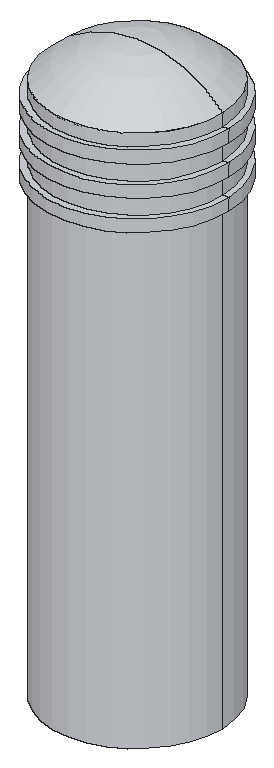
Revit family
Parameters (values of type "SBS-008.5")
  URL = "www.strombergarchitectural.com"
  Top Material = GFRC
  Submittal Sheet = "www.strombergarchitectural.com/images/materials/gfrc/submittal/gfrc-submittal-sheet.pdf"
  Specifications = "www.strombergarchitectural.com/gfrcspecifications"
  Model Cut-sheet = "www.strombergarchitectural.com/products/bollards/design/sbs-008"
  Model = "SBS 008"
  Manufacturer = "Stromberg Architectural Products"
  Guidebook = "www.strombergarchitectural.com/images/materials/gfrc/handbooks/gfrc_guidebook.pdf"
  Frame Material = none
  Description = "GFRC Bollard"
  Assembly Code = ""
  Height = 4' - 0"
  Diameter = 1' - 2"
  008.5 = yes
  008.4 = no
  008.3 = no
  008.2 = no
  008.1 = no
Types (6): name | Guidebook | Height | Diameter | 008.5 | 008.4 | 008.3 | 008.2 | 008.1
  (no name) | "www.strombergarchitectural.com/images/materials/gfrc/handbooks/gfrc_guidebook.pdf" | 4' - 0" | 1' - 2" | yes | no | no | no | no
  SBS-008.3 | "www.strombergarchitectural.com/images/materials/gfrc/handbooks/gfrc_guidebook.pdf" | 3' - 0" | 0' - 11" | no | no | yes | no | no
  SBS-008.1 | "www.strombergarchitectural.com/images/materials/gfrc/handbooks/gfrc_guidebook.pdf   \r\n(http://www.strombergarchitectural.com/images/materials/gfrc/handbooks/gfrc_guidebook.pdf" | 2' - 0" | 0' - 8" | no | no | no | no | yes
  SBS-008.2 | "www.strombergarchitectural.com/images/materials/gfrc/handbooks/gfrc_guidebook.pdf" | 2' - 6" | 0' - 9" | no | no | no | yes | no
  SBS-008.4 | "www.strombergarchitectural.com/images/materials/gfrc/handbooks/gfrc_guidebook.pdf" | 3' - 6" | 1' - 0" | no | yes | no | no | no
  SBS-008.5 | "www.strombergarchitectural.com/images/materials/gfrc/handbooks/gfrc_guidebook.pdf" | 4' - 0" | 1' - 2" | yes | no | no | no | no
Reference planes (in)
  plane 1 "Center (Front/Back)": y = 3.74847
  plane 2: z = 0
  plane 3 "Center (Left/Right)": x = 0.7278
  plane 4 "Front": y = -3.25153
  plane 5 "Back": y = 10.74847
  plane 6: x = -6.78088
  plane 7: x = -6.2722
  plane 8: x = 7.7278
  plane 9: x = 8.2278
Forms (in)
  Revolve 1, solid, visible <- "008.5"
    sketch origin (0, 3.74847, 0) x (1, 0, 0) y (0, 0, 1)
      loop
        arc (0.7278, 48) -> (-3.05759, 47.18506) -> (-6.2722, 45.02645) r 10.27028
        line (-6.2722, 45.02645) -> (-6.2722, 44.03944) -> (-6.78088, 44.03944) -> (-6.78088, 43.02645) -> (-6.2722, 43.02645) -> (-6.2722, 41.52645) -> (-6.78088, 41.52645) -> (-6.78088, 40.52645) -> (-6.2722, 40.52645) -> (-6.2722, 39.02645) -> (-6.78088, 39.02645) -> (-6.78088, 38.02645) -> (-6.2722, 38.02645) -> (-6.2722, -0.0072) -> (0.7278, -0.0072) -> (0.7278, 48)
      axis (0.7278, -0.0072) -> (0.7278, 48)
    angle from 0 to 360
  Revolve 2, solid, visible <- "008.4"
    sketch origin (0, 3.74847, 0) x (1, 0, 0) y (0, 0, 1)
      loop
        arc (0.7278, 41.9928) -> (-2.77382, 41.10272) -> (-5.2722, 38.4928) r 6.5561
        line (-5.2722, 38.4928) -> (-5.2722, 37.32614) -> (-5.85553, 37.32614) -> (-5.85553, 36.15947) -> (-5.2722, 36.15947) -> (-5.2722, 34.40947) -> (-5.85553, 34.40947) -> (-5.85553, 33.2428) -> (-5.2722, 33.2428) -> (-5.2722, 31.4928) -> (-5.85553, 31.4928) -> (-5.85553, 30.32614) -> (-5.2722, 30.32614) -> (-5.2722, 0) -> (0.7278, 0) -> (0.7278, 41.9928)
      axis (0.7278, 41.9928) -> (0.7278, 0)
    angle from 0 to 360
  Revolve 3, solid, visible <- "008.3"
    sketch origin (0, 3.74847, 0) x (1, 0, 0) y (0, 0, 1)
      loop
        arc (0.7278, 35.9928) -> (-2.43081, 35.24192) -> (-4.7722, 32.9928) r 6.17632
        line (-4.7722, 32.9928) -> (-4.7722, 31.9928) -> (-5.2722, 31.9928) -> (-5.2722, 30.9928) -> (-4.7722, 30.9928) -> (-4.7722, 29.4928) -> (-5.2722, 29.4928) -> (-5.2722, 28.4928) -> (-4.7722, 28.4928) -> (-4.7722, 26.9928) -> (-5.2722, 26.9928) -> (-5.2722, 25.9928) -> (-4.7722, 25.9928) -> (-4.7722, 0) -> (0.7278, 0) -> (0.7278, 35.9928)
      axis (0.7278, 35.9928) -> (0.7278, 0)
    angle from 0 to 360
  Revolve 4, solid, visible <- "008.2"
    sketch origin (0, 3.74847, 0) x (1, 0, 0) y (0, 0, 1)
      loop
        arc (0.7278, 29.99484) -> (-1.85755, 29.34696) -> (-3.7722, 27.4928) r 5.14693
        line (-3.7722, 27.4928) -> (-3.7722, 26.65947) -> (-4.18887, 26.65947) -> (-4.18887, 25.82614) -> (-3.7722, 25.82614) -> (-3.7722, 24.57614) -> (-4.18887, 24.57614) -> (-4.18887, 23.7428) -> (-3.7722, 23.7428) -> (-3.7722, 22.4928) -> (-4.18887, 22.4928) -> (-4.18887, 21.65947) -> (-3.7722, 21.65947) -> (-3.7722, -0.0072) -> (0.7278, -0.0072) -> (0.7278, 29.99484)
      axis (0.7278, 29.99484) -> (0.7278, -0.0072)
    angle from 0 to 360
  Revolve 5, solid, visible <- "008.1"
    sketch origin (0, 3.74847, 0) x (1, 0, 0) y (0, 0, 1)
      loop
        arc (0.7278, 23.97557) -> (-1.51169, 23.47269) -> (-3.2722, 22) r 4.87052
        line (-3.2722, 22) -> (-3.2722, 21.33333) -> (-3.60553, 21.33333) -> (-3.60553, 20.66667) -> (-3.2722, 20.66667) -> (-3.2722, 19.66667) -> (-3.60553, 19.66667) -> (-3.60553, 19) -> (-3.2722, 19) -> (-3.2722, 18) -> (-3.60553, 18) -> (-3.60553, 17.33333) -> (-3.2722, 17.33333) -> (-3.2722, 0) -> (0.7278, 0) -> (0.7278, 23.97557)
      axis (0.7278, 23.97557) -> (0.7278, 0)
    angle from 0 to 360
Dimensions and locks (in)
  equal spacing: plane 4 "Front", plane 1 "Center (Front/Back)", plane 5 "Back"
  "Diameter": plane 4 "Front" to plane 5 "Back"
Automatic sketch dimensions
  Revolve 1 sketch curve to plane 6 = 0' - 0"  (x3)
  Revolve 1 sketch curve to plane 7 = 0' - 0"  (x4)
  Revolve 1 sketch curve to level = 0' - 0.0072"
  Revolve 1 sketch curve to plane 3 "Center (Left/Right)" = 0' - 0"  (x2)
  plane 3 "Center (Left/Right)" to Revolve 1 sketch curve = 0' - 0.23007"
  level to Revolve 1 sketch curve = 2' - 3.27645"
  Revolve 1 sketch curve to Revolve 1 sketch curve = 0' - 6.74258"
  Revolve 1 sketch curve to Revolve 1 sketch curve = 0' - 3.71327"
  Revolve 1 sketch curve to Revolve 1 sketch curve = 0' - 0.29416"
  Revolve 1 sketch curve to Revolve 1 sketch curve = 0' - 1"  (x2)
  Revolve 1 sketch curve to Revolve 1 sketch curve = 0' - 1 1/2"  (x2)
  Revolve 1 sketch curve to Revolve 1 sketch curve = 0' - 1.01298"
  Revolve 1 sketch curve to Revolve 1 sketch curve = 0' - 0.98702"
  Revolve 2 sketch curve to level = 0' - 0"
  Revolve 2 sketch curve to plane 3 "Center (Left/Right)" = 0' - 0"  (x2)
  Revolve 2 sketch curve to plane 3 "Center (Left/Right)" = 0' - 0.19819"
  plane 7 to Revolve 2 sketch curve = 0' - 1"  (x4)
  plane 7 to Revolve 2 sketch curve = 0' - 0.41667"  (x3)
  level to Revolve 2 sketch curve = 2' - 6.32614"
  Revolve 2 sketch curve to Revolve 2 sketch curve = 0' - 1.16667"  (x4)
  Revolve 2 sketch curve to Revolve 2 sketch curve = 0' - 0.66667"
  Revolve 2 sketch curve to Revolve 2 sketch curve = 0' - 1 3/4"  (x2)
  Revolve 2 sketch curve to Revolve 2 sketch curve = 0' - 3.28023"
  Revolve 2 sketch curve to Revolve 2 sketch curve = 0' - 0.46977"
  Revolve 3 sketch curve to level = 0' - 0"
  Revolve 3 sketch curve to plane 3 "Center (Left/Right)" = 0' - 0"  (x2)
  Revolve 3 sketch curve to plane 3 "Center (Left/Right)" = 0' - 0.20107"
  plane 7 to Revolve 3 sketch curve = 0' - 1 1/2"  (x2)
  Revolve 3 sketch curve to Revolve 3 sketch curve = 0' - 0"  (x2)
  Revolve 3 sketch curve to Revolve 3 sketch curve = 0' - 0 1/2"  (x3)
  level to Revolve 3 sketch curve = 2' - 1.9928"
  Revolve 3 sketch curve to Revolve 3 sketch curve = 0' - 1"  (x4)
  Revolve 3 sketch curve to Revolve 3 sketch curve = 0' - 0 3/4"
  Revolve 3 sketch curve to Revolve 3 sketch curve = 0' - 1 1/2"  (x2)
  Revolve 3 sketch curve to Revolve 3 sketch curve = 0' - 2.07696"
  Revolve 3 sketch curve to Revolve 3 sketch curve = 0' - 2.67304"
  Revolve 4 sketch curve to plane 3 "Center (Left/Right)" = 0' - 0"  (x2)
  Revolve 4 sketch curve to plane 3 "Center (Left/Right)" = 0' - 0.08422"
  Revolve 4 sketch curve to level = 0' - 0.0072"
  plane 7 to Revolve 4 sketch curve = 0' - 2 1/2"  (x2)
  Revolve 4 sketch curve to Revolve 4 sketch curve = 0' - 0"  (x2)
  Revolve 4 sketch curve to Revolve 4 sketch curve = 0' - 0.41667"  (x3)
  level to Revolve 4 sketch curve = 1' - 9.65947"
  Revolve 4 sketch curve to Revolve 4 sketch curve = 0' - 0.83333"  (x4)
  Revolve 4 sketch curve to Revolve 4 sketch curve = 0' - 1 1/4"  (x2)
  Revolve 4 sketch curve to Revolve 4 sketch curve = 0' - 0.27247"
  Revolve 4 sketch curve to Revolve 4 sketch curve = 0' - 2.42929"
  Revolve 4 sketch curve to Revolve 4 sketch curve = 0' - 1.17929"
  Revolve 5 sketch curve to level = 0' - 0"
  Revolve 5 sketch curve to plane 3 "Center (Left/Right)" = 0' - 0"  (x2)
  Revolve 5 sketch curve to plane 3 "Center (Left/Right)" = 0' - 0.08269"
  plane 7 to Revolve 5 sketch curve = 0' - 3"  (x2)
  Revolve 5 sketch curve to Revolve 5 sketch curve = 0' - 0"  (x2)
  Revolve 5 sketch curve to Revolve 5 sketch curve = 0' - 0.33333"  (x3)
  level to Revolve 5 sketch curve = 1' - 5.33333"
  Revolve 5 sketch curve to Revolve 5 sketch curve = 0' - 0.66667"  (x4)
  Revolve 5 sketch curve to Revolve 5 sketch curve = 0' - 1"  (x2)
  Revolve 5 sketch curve to Revolve 5 sketch curve = 0' - 0.10576"
  Revolve 5 sketch curve to Revolve 5 sketch curve = 0' - 1.89224"
  Revolve 5 sketch curve to Revolve 5 sketch curve = 0' - 0 3/4"
